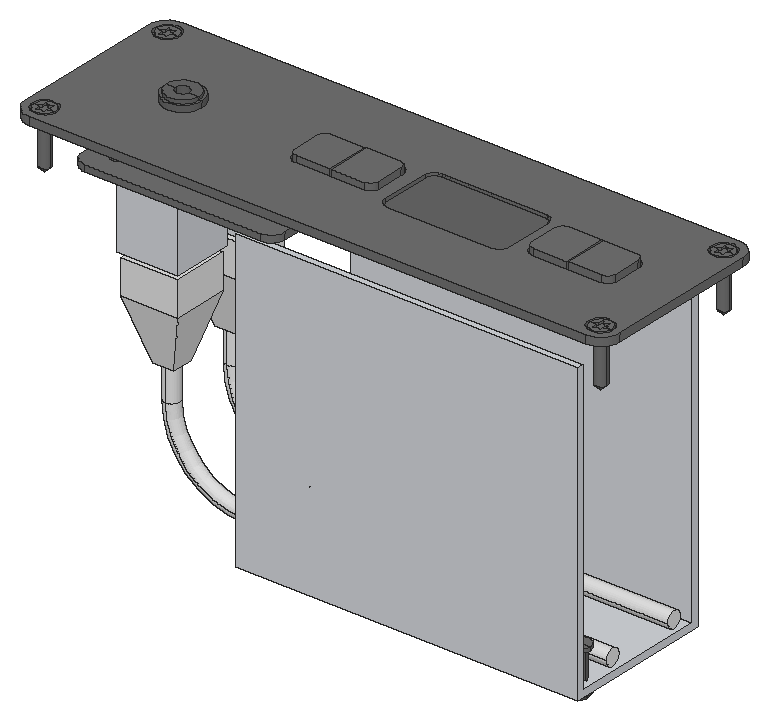
Revit family "71_98_0551_B", category Communication Devices, host Face, Revit 2015
Parameters
  Weight = 220
  Voltage = 48 V
  URL = "http://www.televic-conference.com"
  Type Comments = "Confidea Flushmount Channel Selector"
  Schroef = Basisplaat
  Scherm = Jack
  Product ID = "71.98.0551"
  Onderplaat = Inox
  Model = "Confidea F-CS"
  Manufacturer = "Televic Conference"
  Lengte = 155 mm
  Knoppen = Basisplaat
  Kabel = Kabel
  Jack = Jack
  Diepte = 90 mm
  Default Elevation = 1219.2 mm
  Consumption = 2 W
  Breedte = 50 mm
  Basisplaat = Basisplaat
Reference planes
  plane 1 "Center (Front/Back)": y = 0
  plane 2: z = 0
  plane 3 "Center (Left/Right)": x = 0
  plane 4: x = -77.5
  plane 5: y = -25
  plane 6: y = 25
  plane 7: x = 77.5
  plane 8 "Bovenkant": z = 2
  plane 9: z = -88
Forms (mm)
  Extrusion 1, solid, material "Basisplaat" <- "Basisplaat"
    sketch origin (0, 0, 0) x (1, 0, 0) y (0, 1, 0)
      loop
        line (72.5, 25) -> (-72.5, 25)
        arc (-72.5, 25) -> (-76.036, 23.536) -> (-77.5, 20) r 5
        line (-77.5, 20) -> (-77.5, -20)
        arc (-77.5, -20) -> (-76.036, -23.536) -> (-72.5, -25) r 5
        line (-72.5, -25) -> (72.5, -25)
        arc (72.5, -25) -> (76.036, -23.536) -> (77.5, -20) r 5
        line (77.5, -20) -> (77.5, 20)
        arc (77.5, 20) -> (76.036, 23.536) -> (72.5, 25) r 5
    from 0 to 2
  Extrusion 2, void
    sketch origin (-37.319, 11.507, 0) x (1, 0, 0) y (0, 1, 0)
      loop
        circle (-35.181, 8.493) r 3.25
      loop
        circle (109.819, 8.493) r 3.25
      loop
        circle (-35.181, -31.507) r 3.25
      loop
        circle (109.819, -31.507) r 3.25
    from 1 to 2
  Revolve 3, solid, material "Basisplaat" <- "Schroef"
    sketch origin (0, -20, 0) x (1, 0, 0) y (0, 0, 1)
      loop
        line (-72.5, 2) -> (-75.2, 2) -> (-75.2, 1) -> (-74, 1) -> (-74, -11.5) -> (-72.5, -13) -> (-72.5, 2)
      axis (-72.5, 2) -> (-72.5, -13)
    angle from 0 to 360
  Extrusion 4, void
    sketch origin (0, 0, 0) x (1, 0, 0) y (0, 1, 0)
      loop
        line (-71.548, -21.654) -> (-71.483, -20.592) -> (-70.595, -20.004) -> (-71.483, -19.417) -> (-71.548, -18.355) -> (-72.5, -18.83) -> (-73.453, -18.355) -> (-73.518, -19.417) -> (-74.405, -20.004) -> (-73.518, -20.592) -> (-73.453, -21.654) -> (-72.5, -21.179) -> (-71.548, -21.654)
    from 1.5 to 2.5
  Revolve 5, solid, material "Basisplaat" <- "Schroef", not visible
    sketch origin (0, -20, 0) x (1, 0, 0) y (0, 0, 1)
      loop
        line (-72.5, 2) -> (-75.2, 2) -> (-75.2, 1) -> (-74, 1) -> (-74, -11.5) -> (-72.5, -13) -> (-72.5, 2)
      axis (-72.5, 2) -> (-72.5, -13)
    angle from 0 to 360
  Extrusion 6, void, not visible
    sketch origin (0, 0, 0) x (1, 0, 0) y (0, 1, 0)
      loop
        line (-71.548, -21.654) -> (-71.483, -20.592) -> (-70.595, -20.004) -> (-71.483, -19.417) -> (-71.548, -18.355) -> (-72.5, -18.83) -> (-73.453, -18.355) -> (-73.518, -19.417) -> (-74.405, -20.004) -> (-73.518, -20.592) -> (-73.453, -21.654) -> (-72.5, -21.179) -> (-71.548, -21.654)
    from 1.5 to 2.5
  Revolve 7, solid, material "Basisplaat" <- "Schroef"
    sketch origin (0, 20, 0) x (1, 0, 0) y (0, 0, 1)
      loop
        line (-72.5, 2) -> (-75.2, 2) -> (-75.2, 1) -> (-74, 1) -> (-74, -11.5) -> (-72.5, -13) -> (-72.5, 2)
      axis (-72.5, 2) -> (-72.5, -13)
    angle from 0 to 360
  Extrusion 8, void
    sketch origin (0, 40, 0) x (1, 0, 0) y (0, 1, 0)
      loop
        line (-71.548, -21.654) -> (-71.483, -20.592) -> (-70.595, -20.004) -> (-71.483, -19.417) -> (-71.548, -18.355) -> (-72.5, -18.83) -> (-73.453, -18.355) -> (-73.518, -19.417) -> (-74.405, -20.004) -> (-73.518, -20.592) -> (-73.453, -21.654) -> (-72.5, -21.179) -> (-71.548, -21.654)
    from 1.5 to 2.5
  Revolve 9, solid, material "Basisplaat" <- "Schroef"
    sketch origin (145, 20, 0) x (1, 0, 0) y (0, 0, 1)
      loop
        line (-72.5, 2) -> (-75.2, 2) -> (-75.2, 1) -> (-74, 1) -> (-74, -11.5) -> (-72.5, -13) -> (-72.5, 2)
      axis (-72.5, 2) -> (-72.5, -13)
    angle from 0 to 360
  Extrusion 10, void
    sketch origin (145, 40, 0) x (1, 0, 0) y (0, 1, 0)
      loop
        line (-71.548, -21.654) -> (-71.483, -20.592) -> (-70.595, -20.004) -> (-71.483, -19.417) -> (-71.548, -18.355) -> (-72.5, -18.83) -> (-73.453, -18.355) -> (-73.518, -19.417) -> (-74.405, -20.004) -> (-73.518, -20.592) -> (-73.453, -21.654) -> (-72.5, -21.179) -> (-71.548, -21.654)
    from 1.5 to 2.5
  Revolve 11, solid, material "Basisplaat" <- "Schroef"
    sketch origin (145, -20, 0) x (1, 0, 0) y (0, 0, 1)
      loop
        line (-72.5, 2) -> (-75.2, 2) -> (-75.2, 1) -> (-74, 1) -> (-74, -11.5) -> (-72.5, -13) -> (-72.5, 2)
      axis (-72.5, 2) -> (-72.5, -13)
    angle from 0 to 360
  Extrusion 12, void
    sketch origin (145, 0, 0) x (1, 0, 0) y (0, 1, 0)
      loop
        line (-71.548, -21.654) -> (-71.483, -20.592) -> (-70.595, -20.004) -> (-71.483, -19.417) -> (-71.548, -18.355) -> (-72.5, -18.83) -> (-73.453, -18.355) -> (-73.518, -19.417) -> (-74.405, -20.004) -> (-73.518, -20.592) -> (-73.453, -21.654) -> (-72.5, -21.179) -> (-71.548, -21.654)
    from 1.5 to 2.5
  Extrusion 13, void
    sketch origin (0, 0, 0) x (1, 0, 0) y (0, 1, 0)
      loop
        arc (-62.5, 21) -> (-66.036, 19.536) -> (-67.5, 16) r 5
        line (-67.5, 16) -> (-67.5, -16)
        arc (-67.5, -16) -> (-66.036, -19.536) -> (-62.5, -21) r 5
        line (-62.5, -21) -> (62.5, -21)
        arc (62.5, -21) -> (66.036, -19.536) -> (67.5, -16) r 5
        line (67.5, -16) -> (67.5, 16)
        arc (67.5, 16) -> (66.036, 19.536) -> (62.5, 21) r 5
        line (62.5, 21) -> (-62.5, 21)
    from 1.5 to -88
  Revolve 14, solid, material "Jack" <- "Jack"
    sketch origin (0, 0, 0) x (1, 0, 0) y (0, 0, 1)
      loop
        line (-54.3, 2) -> (-54.3, 4.3) -> (-56.709, 4.3) -> (-56.709, 3.5) -> (-57.5, 3.5) -> (-57.5, 2) -> (-54.3, 2)
      axis (-52.5, 2) -> (-52.5, 4.3)
    angle from 0 to 360
  Extrusion 15, void
    sketch origin (10.35, 0, 0) x (1, 0, 0) y (0, 1, 0)
      loop
        arc (-28.583, 6.2) -> (-30.35, 5.468) -> (-31.083, 3.7) r 2.5
        line (-31.083, 3.7) -> (-31.083, -3.7)
        arc (-31.083, -3.7) -> (-30.35, -5.468) -> (-28.583, -6.2) r 2.5
        line (-28.583, -6.2) -> (-10.883, -6.2)
        arc (-10.883, -6.2) -> (-9.115, -5.468) -> (-8.383, -3.7) r 2.5
        line (-8.383, -3.7) -> (-8.383, 3.7)
        arc (-8.383, 3.7) -> (-9.115, 5.468) -> (-10.883, 6.2) r 2.5
        line (-10.883, 6.2) -> (-28.583, 6.2)
    from 1 to 2.5
  Extrusion 16, solid, material "Basisplaat" <- "Knoppen"
    sketch origin (10.35, 0, 0) x (1, 0, 0) y (0, 1, 0)
      loop
        arc (-28.583, 5.7) -> (-29.997, 5.114) -> (-30.583, 3.7) r 2
        line (-30.583, 3.7) -> (-30.583, -3.7)
        arc (-30.583, -3.7) -> (-29.997, -5.114) -> (-28.583, -5.7) r 2
        line (-28.583, -5.7) -> (-19.933, -5.7) -> (-19.933, 5.7) -> (-28.583, 5.7)
      loop
        arc (-10.883, -5.7) -> (-9.468, -5.114) -> (-8.883, -3.7) r 2
        line (-8.883, -3.7) -> (-8.883, 3.7)
        arc (-8.883, 3.7) -> (-9.468, 5.114) -> (-10.883, 5.7) r 2
        line (-10.883, 5.7) -> (-19.533, 5.7) -> (-19.533, -5.7) -> (-10.883, -5.7)
    from 1.5 to 3.5
  Extrusion 17, void
    sketch origin (72.083, 0, 0) x (1, 0, 0) y (0, 1, 0)
      loop
        arc (-28.583, 6.2) -> (-30.35, 5.468) -> (-31.083, 3.7) r 2.5
        line (-31.083, 3.7) -> (-31.083, -3.7)
        arc (-31.083, -3.7) -> (-30.35, -5.468) -> (-28.583, -6.2) r 2.5
        line (-28.583, -6.2) -> (-10.883, -6.2)
        arc (-10.883, -6.2) -> (-9.115, -5.468) -> (-8.383, -3.7) r 2.5
        line (-8.383, -3.7) -> (-8.383, 3.7)
        arc (-8.383, 3.7) -> (-9.115, 5.468) -> (-10.883, 6.2) r 2.5
        line (-10.883, 6.2) -> (-28.583, 6.2)
    from 1 to 2.5
  Extrusion 18, solid, material "Basisplaat" <- "Knoppen"
    sketch origin (72.083, 0, 0) x (1, 0, 0) y (0, 1, 0)
      loop
        arc (-28.583, 5.7) -> (-29.997, 5.114) -> (-30.583, 3.7) r 2
        line (-30.583, 3.7) -> (-30.583, -3.7)
        arc (-30.583, -3.7) -> (-29.997, -5.114) -> (-28.583, -5.7) r 2
        line (-28.583, -5.7) -> (-19.933, -5.7) -> (-19.933, 5.7) -> (-28.583, 5.7)
      loop
        arc (-10.883, -5.7) -> (-9.468, -5.114) -> (-8.883, -3.7) r 2
        line (-8.883, -3.7) -> (-8.883, 3.7)
        arc (-8.883, 3.7) -> (-9.468, 5.114) -> (-10.883, 5.7) r 2
        line (-10.883, 5.7) -> (-19.533, 5.7) -> (-19.533, -5.7) -> (-10.883, -5.7)
    from 1.5 to 3.5
  Extrusion 19, void
    sketch origin (36.483, 0, 0) x (1, 0, 0) y (0, 1, 0)
      loop
        arc (-28.583, 8.95) -> (-30.35, 8.218) -> (-31.083, 6.45) r 2.5
        line (-31.083, 6.45) -> (-31.083, -6.45)
        arc (-31.083, -6.45) -> (-30.35, -8.218) -> (-28.583, -8.95) r 2.5
        line (-28.583, -8.95) -> (-1.383, -8.95)
        arc (-1.383, -8.95) -> (0.385, -8.218) -> (1.117, -6.45) r 2.5
        line (1.117, -6.45) -> (1.117, 6.45)
        arc (1.117, 6.45) -> (0.385, 8.218) -> (-1.383, 8.95) r 2.5
        line (-1.383, 8.95) -> (-28.583, 8.95)
    from 0.715 to 2.5
  Extrusion 20, solid, material "Jack" <- "Scherm"
    sketch origin (39.608, 0, 0) x (1, 0, 0) y (0, 1, 0)
      loop
        line (-31.708, -8.45) -> (-4.508, -8.45)
        arc (-4.508, -8.45) -> (-3.093, -7.864) -> (-2.508, -6.45) r 2
        line (-2.508, -6.45) -> (-2.508, 6.45)
        arc (-2.508, 6.45) -> (-3.093, 7.864) -> (-4.508, 8.45) r 2
        line (-4.508, 8.45) -> (-31.708, 8.45)
        arc (-31.708, 8.45) -> (-33.122, 7.864) -> (-33.708, 6.45) r 2
        line (-33.708, 6.45) -> (-33.708, -6.45)
        arc (-33.708, -6.45) -> (-33.122, -7.864) -> (-31.708, -8.45) r 2
    from 0 to 1.5
  Extrusion 21, void, not visible
    sketch origin (38.958, 0, 0) x (1, 0, 0) y (0, 1, 0)
      loop
        arc (-28.583, 8.95) -> (-30.35, 8.218) -> (-31.083, 6.45) r 2.5
        line (-31.083, 6.45) -> (-31.083, -6.45)
        arc (-31.083, -6.45) -> (-30.35, -8.218) -> (-28.583, -8.95) r 2.5
        line (-28.583, -8.95) -> (-1.383, -8.95)
        arc (-1.383, -8.95) -> (0.385, -8.218) -> (1.117, -6.45) r 2.5
        line (1.117, -6.45) -> (1.117, 6.45)
        arc (1.117, 6.45) -> (0.385, 8.218) -> (-1.383, 8.95) r 2.5
        line (-1.383, 8.95) -> (-28.583, 8.95)
    from 0.715 to 2.5
  Extrusion 22, solid, material "Jack" <- "Scherm", not visible
    sketch origin (42.083, 0, 0) x (1, 0, 0) y (0, 1, 0)
      loop
        line (-31.708, -8.45) -> (-4.508, -8.45)
        arc (-4.508, -8.45) -> (-3.093, -7.864) -> (-2.508, -6.45) r 2
        line (-2.508, -6.45) -> (-2.508, 6.45)
        arc (-2.508, 6.45) -> (-3.093, 7.864) -> (-4.508, 8.45) r 2
        line (-4.508, 8.45) -> (-31.708, 8.45)
        arc (-31.708, 8.45) -> (-33.122, 7.864) -> (-33.708, 6.45) r 2
        line (-33.708, 6.45) -> (-33.708, -6.45)
        arc (-33.708, -6.45) -> (-33.122, -7.864) -> (-31.708, -8.45) r 2
    from 0 to 1.5
  Extrusion 23, solid, material "Basisplaat" <- "Basisplaat"
    sketch origin (0, 0, 0) x (1, 0, 0) y (0, 1, 0)
      loop
        arc (-62.5, 19.5) -> (-64.975, 18.475) -> (-66, 16) r 3.5
        line (-66, 16) -> (-66, -16)
        arc (-66, -16) -> (-64.975, -18.475) -> (-62.5, -19.5) r 3.5
        line (-62.5, -19.5) -> (-16.55, -19.5)
        arc (-16.55, -19.5) -> (-14.075, -18.475) -> (-13.05, -16) r 3.5
        line (-13.05, -16) -> (-13.05, 16)
        arc (-13.05, 16) -> (-14.075, 18.475) -> (-16.55, 19.5) r 3.5
        line (-16.55, 19.5) -> (-62.5, 19.5)
    from -9.7 to -8
  Extrusion 24, solid
    sketch origin (0, -10, 0) x (1, 0, 0) y (0, 1, 0)
      loop
        line (-55.417, 8) -> (-55.417, -8) -> (-39.417, -8) -> (-39.417, 8) -> (-55.417, 8)
    from -26.5 to -9.7
  Extrusion 25, solid
    sketch origin (0, 0, 0) x (0, 1, 0) y (0, 0, 1)
      loop
        line (-19.5, -10.4) -> (-19.5, -88) -> (19.5, -88) -> (19.5, -10.4) -> (17.8, -10.4) -> (17.8, -86.3) -> (-17.8, -86.3) -> (-17.8, -10.4) -> (-19.5, -10.4)
    from -23 to 66
  Revolve 26, solid, material "Basisplaat" <- "Schroef"
    sketch origin (-131.746, -13.125, -10.5) x (-1, 0, 0) y (0, 0, -1)
      loop
        line (-74.622, 1.547) -> (-75.2, 0.721) -> (-75.2, -0.8) -> (-74, -0.8) -> (-74, -9.7) -> (-75.2, -9.7) -> (-75.2, -10.5) -> (-72.5, -10.5) -> (-72.5, 1.547) -> (-74.622, 1.547)
      axis (-72.5, 1.547) -> (-72.5, -10.5)
    angle from 0 to 360
  Revolve 27, solid, material "Basisplaat" <- "Schroef"
    sketch origin (-91.75, 14.375, -26.2) x (-1, 0, 0) y (0, 0, -1)
      loop
        line (-74.622, 64.147) -> (-75.2, 63.321) -> (-75.2, 61.8) -> (-74, 61.8) -> (-74, 52.9) -> (-75.2, 52.9) -> (-75.2, 52.1) -> (-72.5, 52.1) -> (-72.5, 64.147) -> (-74.622, 64.147)
      axis (-72.5, 64.147) -> (-72.5, 52.1)
    angle from 0 to 360
  Revolve 28, solid, material "Basisplaat" <- "Schroef"
    sketch origin (134.75, -14.063, -26.2) x (1, 0, 0) y (0, 0, 1)
      loop
        line (-74.622, -64.147) -> (-72.5, -64.147) -> (-72.5, -52.1) -> (-75.2, -52.1) -> (-75.2, -52.9) -> (-74, -52.9) -> (-74, -61.8) -> (-75.2, -61.8) -> (-75.2, -63.321) -> (-74.622, -64.147)
      axis (-72.5, -64.147) -> (-72.5, -52.1)
    angle from 0 to 360
  Revolve 29, solid, material "Basisplaat" <- "Schroef"
    sketch origin (-131.746, 13.125, -10.5) x (-1, 0, 0) y (0, 0, 1)
      loop
        line (-74.622, -1.547) -> (-72.5, -1.547) -> (-72.5, 10.5) -> (-75.2, 10.5) -> (-75.2, 9.7) -> (-74, 9.7) -> (-74, 0.8) -> (-75.2, 0.8) -> (-75.2, -0.721) -> (-74.622, -1.547)
      axis (-72.5, -1.547) -> (-72.5, 10.5)
    angle from 0 to 360
  Extrusion 30, void, not visible
    sketch origin (10.35, 0, 0) x (1, 0, 0) y (0, 1, 0)
      loop
        arc (-28.583, 6.2) -> (-30.35, 5.468) -> (-31.083, 3.7) r 2.5
        line (-31.083, 3.7) -> (-31.083, -3.7)
        arc (-31.083, -3.7) -> (-30.35, -5.468) -> (-28.583, -6.2) r 2.5
        line (-28.583, -6.2) -> (-10.883, -6.2)
        arc (-10.883, -6.2) -> (-9.115, -5.468) -> (-8.383, -3.7) r 2.5
        line (-8.383, -3.7) -> (-8.383, 3.7)
        arc (-8.383, 3.7) -> (-9.115, 5.468) -> (-10.883, 6.2) r 2.5
        line (-10.883, 6.2) -> (-28.583, 6.2)
    from 1 to 2.5
  Extrusion 31, solid, material "Basisplaat" <- "Knoppen", not visible
    sketch origin (10.35, 0, 0) x (1, 0, 0) y (0, 1, 0)
      loop
        arc (-28.583, 5.7) -> (-29.997, 5.114) -> (-30.583, 3.7) r 2
        line (-30.583, 3.7) -> (-30.583, -3.7)
        arc (-30.583, -3.7) -> (-29.997, -5.114) -> (-28.583, -5.7) r 2
        line (-28.583, -5.7) -> (-19.933, -5.7) -> (-19.933, 5.7) -> (-28.583, 5.7)
      loop
        arc (-10.883, -5.7) -> (-9.468, -5.114) -> (-8.883, -3.7) r 2
        line (-8.883, -3.7) -> (-8.883, 3.7)
        arc (-8.883, 3.7) -> (-9.468, 5.114) -> (-10.883, 5.7) r 2
        line (-10.883, 5.7) -> (-19.533, 5.7) -> (-19.533, -5.7) -> (-10.883, -5.7)
    from 1.5 to 3.5
  Extrusion 32, void, not visible
    sketch origin (-11.117, -21.138, 61.189) x (1, 0, 0) y (0, 0.5, 0.866025)
      loop
        arc (-28.583, 6.2) -> (-30.35, 5.468) -> (-31.083, 3.7) r 2.5
        line (-31.083, 3.7) -> (-31.083, -3.7)
        arc (-31.083, -3.7) -> (-30.35, -5.468) -> (-28.583, -6.2) r 2.5
        line (-28.583, -6.2) -> (-21.183, -6.2)
        arc (-21.183, -6.2) -> (-19.415, -5.468) -> (-18.683, -3.7) r 2.5
        line (-18.683, -3.7) -> (-18.683, 3.7)
        arc (-18.683, 3.7) -> (-19.415, 5.468) -> (-21.183, 6.2) r 2.5
        line (-21.183, 6.2) -> (-28.583, 6.2)
    from 1.5 to 2.5
  Extrusion 33, solid, material "Basisplaat" <- "Knoppen", not visible
    sketch origin (-11.117, -21.138, 61.189) x (1, 0, 0) y (0, 0.5, 0.866025)
      loop
        arc (-28.583, 5.7) -> (-29.997, 5.114) -> (-30.583, 3.7) r 2
        line (-30.583, 3.7) -> (-30.583, -3.7)
        arc (-30.583, -3.7) -> (-29.997, -5.114) -> (-28.583, -5.7) r 2
        line (-28.583, -5.7) -> (-21.183, -5.7)
        arc (-21.183, -5.7) -> (-19.768, -5.114) -> (-19.183, -3.7) r 2
        line (-19.183, -3.7) -> (-19.183, 3.7)
        arc (-19.183, 3.7) -> (-19.768, 5.114) -> (-21.183, 5.7) r 2
        line (-21.183, 5.7) -> (-28.583, 5.7)
    from 1.5 to 3.5
  Extrusion 34, solid
    sketch origin (0, 10, 0) x (1, 0, 0) y (0, 1, 0)
      loop
        line (-55.417, -8) -> (-39.417, -8) -> (-39.417, 8) -> (-55.417, 8) -> (-55.417, -8)
    from -26.5 to -9.7
  Blend 35, solid, material "Kabel" <- "Kabel"
    base sketch origin (0.042, 0, -36.5) x (1, 0, 0) y (0, 1, 0)
      loop
        line (-54.792, -2.625) -> (-54.792, -17.375) -> (-40.042, -17.375) -> (-40.042, -2.625) -> (-54.792, -2.625)
    top sketch origin (0.042, 0, -36.5) x (1, 0, 0) y (0, 1, 0)
      loop
        line (-44.73, -12.688) -> (-44.73, -7.313) -> (-50.105, -7.313) -> (-50.105, -12.688) -> (-44.73, -12.688)
    from -0.5 to -16.5
  Extrusion 36, solid, material "Kabel" <- "Kabel"
    sketch origin (0, 0, 0) x (1, 0, 0) y (0, 1, 0)
      loop
        line (-40, -2.625) -> (-54.75, -2.625) -> (-54.75, -17.375) -> (-40, -17.375) -> (-40, -2.625)
    from -37 to -28
  Sweep 37, solid, material "Kabel" <- "Kabel"
    path origin (0, 0, 62.6) x (1, 0, 0) y (0, 0, 1)
      loop
        line (-47.375, -115.6) -> (-47.375, -124.159)
        arc (-47.375, -124.159) -> (-41.517, -138.301) -> (-27.375, -144.159) r 20
        line (-27.375, -144.159) -> (67.502, -144.159)
    profile origin (-47.375, 0, -57.28) x (0, -1, 0) y (1, 0, 0)
      loop
        circle (10, 0) r 2.011
  Blend 38, solid, material "Kabel" <- "Kabel"
    base sketch origin (0.042, 20, -36.5) x (1, 0, 0) y (0, 1, 0)
      loop
        line (-54.792, -2.625) -> (-54.792, -17.375) -> (-40.042, -17.375) -> (-40.042, -2.625) -> (-54.792, -2.625)
    top sketch origin (0.042, 20, -36.5) x (1, 0, 0) y (0, 1, 0)
      loop
        line (-44.73, -12.688) -> (-44.73, -7.313) -> (-50.105, -7.313) -> (-50.105, -12.688) -> (-44.73, -12.688)
    from -0.5 to -16.5
  Extrusion 39, solid, material "Kabel" <- "Kabel"
    sketch origin (0, 20, 0) x (1, 0, 0) y (0, 1, 0)
      loop
        line (-40, -2.625) -> (-54.75, -2.625) -> (-54.75, -17.375) -> (-40, -17.375) -> (-40, -2.625)
    from -37 to -28
  Sweep 40, solid, material "Kabel" <- "Kabel"
    path origin (0, 10, 62.6) x (1, 0, 0) y (0, 0, 1)
      loop
        line (-47.375, -115.6) -> (-47.375, -124.159)
        arc (-47.375, -124.159) -> (-41.517, -138.301) -> (-27.375, -144.159) r 20
        line (-27.375, -144.159) -> (67.502, -144.159)
    profile origin (-47.375, 10, -57.28) x (0, -1, 0) y (1, 0, 0)
      loop
        circle (0, 0) r 2.011
Cuts and joins
  Extrusion 4, Extrusion 8 cuts Revolve 3
  Extrusion 8, Extrusion 10 cuts Revolve 7
  Extrusion 10, Extrusion 12 cuts Revolve 9
  Extrusion 12 cuts Revolve 11
  Extrusion 2, Extrusion 15, Extrusion 17, Extrusion 19 cuts Extrusion 1
  Extrusion 17 cuts Extrusion 16
  Extrusion 19 cuts Extrusion 18
  joined: Blend 35, Extrusion 36, Sweep 37
Lines and regions (mm)
  reference lines
    curve 1: line (-72.5, -30, 0) -> (-72.5, 35, 0)
    curve 2: line (72.5, 35, 0) -> (72.5, -30, 0)
    curve 3: line (-87.5, -20, 0) -> (87.5, -20, 0)
    curve 4: line (87.5, 20, 0) -> (-87.5, 20, 0)
    curve 14: line (21.5, 17.109, 0) -> (21.5, -35.262, 0)
  model lines, style "InvisibleLines"
    curve 5: arc (-71, 20, 0) -> (-72.5, 18.5, 0) -> (-74, 20, 0) r 1.5
    curve 6: arc (-74, -20, 0) -> (-72.5, -18.5, 0) -> (-71, -20, 0) r 1.5
    curve 7: arc (-71, -20, 0) -> (-72.5, -21.5, 0) -> (-74, -20, 0) r 1.5
    curve 10: arc (71, 20, 0) -> (72.5, 21.5, 0) -> (74, 20, 0) r 1.5
    curve 11: arc (74, 20, 0) -> (72.5, 18.5, 0) -> (71, 20, 0) r 1.5
    curve 12: arc (71, -20, 0) -> (72.5, -18.5, 0) -> (74, -20, 0) r 1.5
    curve 13: arc (74, -20, 0) -> (72.5, -21.5, 0) -> (71, -20, 0) r 1.5
    curve 15: arc (-60.746, -20, 0) -> (-59.246, -18.5, 0) -> (-57.746, -20, 0) r 1.5
    curve 16: arc (-57.746, -20, 0) -> (-59.246, -21.5, 0) -> (-60.746, -20, 0) r 1.5
  model lines, style "InvisibleLines", not visible
    curve 8: arc (-74, -20, 0) -> (-72.5, -18.5, 0) -> (-71, -20, 0) r 1.5
    curve 9: arc (-71, -20, 0) -> (-72.5, -21.5, 0) -> (-74, -20, 0) r 1.5
  model lines
    curve 17: line (-16.68, 0, 3.5) -> (-13.253, 4.085, 3.5)
    curve 18: line (-16.68, 0, 3.5) -> (-13.253, -4.085, 3.5)
    curve 19: line (-15.649, 0, 3.5) -> (-12.692, 3.524, 3.5)
    curve 20: line (-15.649, 0, 3.5) -> (-12.692, -3.524, 3.5)
    curve 21: line (-13.253, -4.085, 3.5) -> (-12.692, -3.524, 3.5)
    curve 22: line (-13.253, 4.085, 3.5) -> (-12.692, 3.524, 3.5)
    curve 23: line (-2.085, 0, 3.5) -> (-5.513, 4.085, 3.5)
    curve 24: line (-2.085, 0, 3.5) -> (-5.513, -4.085, 3.5)
    curve 25: line (-3.116, 0, 3.5) -> (-6.074, 3.524, 3.5)
    curve 26: line (-3.116, 0, 3.5) -> (-6.074, -3.524, 3.5)
    curve 27: line (-5.513, -4.085, 3.5) -> (-6.074, -3.524, 3.5)
    curve 28: line (-5.513, 4.085, 3.5) -> (-6.074, 3.524, 3.5)
    curve 29: line (45.052, 0, 3.5) -> (48.48, 4.085, 3.5)
    curve 30: line (45.052, 0, 3.5) -> (48.48, -4.085, 3.5)
    curve 31: line (46.084, 0, 3.5) -> (49.041, 3.524, 3.5)
    curve 32: line (46.084, 0, 3.5) -> (49.041, -3.524, 3.5)
    curve 33: line (48.48, -4.085, 3.5) -> (49.041, -3.524, 3.5)
    curve 34: line (48.48, 4.085, 3.5) -> (49.041, 3.524, 3.5)
    curve 35: line (59.648, 0, 3.5) -> (56.22, 4.085, 3.5)
    curve 36: line (59.648, 0, 3.5) -> (56.22, -4.085, 3.5)
    curve 37: line (58.616, 0, 3.5) -> (55.659, 3.524, 3.5)
    curve 38: line (58.616, 0, 3.5) -> (55.659, -3.524, 3.5)
    curve 39: line (56.22, -4.085, 3.5) -> (55.659, -3.524, 3.5)
    curve 40: line (56.22, 4.085, 3.5) -> (55.659, 3.524, 3.5)
  model lines, not visible
    curve 41: line (-16.68, 0, 3.5) -> (-13.253, 4.085, 3.5)
    curve 42: line (-16.68, 0, 3.5) -> (-13.253, -4.085, 3.5)
    curve 43: line (-15.649, 0, 3.5) -> (-12.692, 3.524, 3.5)
    curve 44: line (-15.649, 0, 3.5) -> (-12.692, -3.524, 3.5)
    curve 45: line (-13.253, -4.085, 3.5) -> (-12.692, -3.524, 3.5)
    curve 46: line (-13.253, 4.085, 3.5) -> (-12.692, 3.524, 3.5)
    curve 47: line (-2.085, 0, 3.5) -> (-5.513, 4.085, 3.5)
    curve 48: line (-2.085, 0, 3.5) -> (-5.513, -4.085, 3.5)
    curve 49: line (-3.116, 0, 3.5) -> (-6.074, 3.524, 3.5)
    curve 50: line (-3.116, 0, 3.5) -> (-6.074, -3.524, 3.5)
    curve 51: line (-5.513, -4.085, 3.5) -> (-6.074, -3.524, 3.5)
    curve 52: line (-5.513, 4.085, 3.5) -> (-6.074, 3.524, 3.5)
Dimensions and locks
  equal spacing: plane 4, plane 3 "Center (Left/Right)", plane 7
  "Lengte": plane 4 to plane 7
  equal spacing: plane 5, plane 1 "Center (Front/Back)", plane 6
  "Breedte": plane 5 to plane 6
  "Diepte": plane 8 "Bovenkant" to plane 9
  plane 4 to Extrusion 13 sketch curve = 10 mm
  Extrusion 13 sketch curve to plane 7 = 10 mm
  Extrusion 13 sketch curve to plane 5 = 4 mm
  Extrusion 13 sketch curve to plane 6 = 4 mm
  Extrusion 15 sketch curve to Extrusion 15 sketch curve = 12.4 mm
  Extrusion 15 sketch curve to Extrusion 15 sketch curve = 22.7 mm
  Extrusion 16 sketch curve to Extrusion 16 sketch curve = 11.4 mm
  Extrusion 17 sketch curve to Extrusion 17 sketch curve = 12.4 mm
  Extrusion 17 sketch curve to Extrusion 17 sketch curve = 22.7 mm
  Extrusion 18 sketch curve to Extrusion 18 sketch curve = 11.4 mm
  Extrusion 19 sketch curve to Extrusion 19 sketch curve = 17.9 mm
  Extrusion 19 sketch curve to Extrusion 19 sketch curve = 32.2 mm
  Extrusion 21 sketch curve to Extrusion 21 sketch curve = 17.9 mm
  Extrusion 21 sketch curve to Extrusion 21 sketch curve = 32.2 mm
  Extrusion 30 sketch curve to Extrusion 30 sketch curve = 12.4 mm
  Extrusion 30 sketch curve to Extrusion 30 sketch curve = 22.7 mm
  Extrusion 31 sketch curve to Extrusion 31 sketch curve = 11.4 mm
  Extrusion 32 sketch curve to Extrusion 32 sketch curve = 12.4 mm  (x2)
  Extrusion 33 sketch curve to Extrusion 33 sketch curve = 11.4 mm
  aligned and locked: plane 2 to host face
  aligned and locked: level to host face
  aligned and locked: Extrusion 1 sketch curve to plane 7
  aligned and locked: Extrusion 1 sketch curve to plane 5
  aligned and locked: Extrusion 1 sketch curve to plane 4
  aligned and locked: Extrusion 1 sketch curve to plane 6
  aligned and locked: curve 3 to Revolve 3
  aligned and locked: Extrusion 36 sketch curve to Blend 35  (x4)
  aligned and locked: Extrusion 39 sketch curve to Blend 38  (x4)
Automatic sketch dimensions
  Revolve 3 sketch curve to Revolve 3 sketch curve = 1.5 mm  (x2)
  Extrusion 4 sketch curve to Extrusion 4 sketch curve = 0.888 mm  (x3)
  Extrusion 4 sketch curve to Extrusion 4 sketch curve = 0.065 mm  (x4)
  Extrusion 4 sketch curve to Extrusion 4 sketch curve = 0.952 mm  (x2)
  Extrusion 4 sketch curve to Extrusion 4 sketch curve = 0.953 mm  (x2)
  Extrusion 4 sketch curve to Extrusion 4 sketch curve = 0 mm
  Extrusion 4 sketch curve to Extrusion 4 sketch curve = 0.475 mm
  Extrusion 4 sketch curve to Extrusion 4 sketch curve = 1.062 mm  (x4)
  Extrusion 4 sketch curve to Extrusion 4 sketch curve = 0.587 mm  (x5)
  Revolve 3 sketch curve to Revolve 3 sketch curve = 1.2 mm
  Revolve 3 sketch curve to Revolve 3 sketch curve = 12.5 mm
  Revolve 3 sketch curve to Revolve 3 sketch curve = 1 mm
  Revolve 3 sketch curve to Revolve 3 sketch curve = 0 mm
  Revolve 3 sketch curve to Revolve 3 sketch curve = 7.636 mm
  Revolve 3 sketch curve to Revolve 3 sketch curve = 5.441 mm
  Revolve 5 sketch curve to Revolve 5 sketch curve = 1.5 mm  (x2)
  Extrusion 6 sketch curve to Extrusion 6 sketch curve = 0.888 mm  (x3)
  Extrusion 6 sketch curve to Extrusion 6 sketch curve = 0.065 mm  (x4)
  Extrusion 6 sketch curve to Extrusion 6 sketch curve = 0.952 mm  (x2)
  Extrusion 6 sketch curve to Extrusion 6 sketch curve = 0.953 mm  (x2)
  Extrusion 6 sketch curve to Extrusion 6 sketch curve = 0 mm
  Extrusion 6 sketch curve to Extrusion 6 sketch curve = 0.475 mm
  Extrusion 6 sketch curve to Extrusion 6 sketch curve = 1.062 mm  (x4)
  Extrusion 6 sketch curve to Extrusion 6 sketch curve = 0.587 mm  (x5)
  Revolve 5 sketch curve to Revolve 5 sketch curve = 1.2 mm
  Revolve 5 sketch curve to Revolve 5 sketch curve = 12.5 mm
  Revolve 5 sketch curve to Revolve 5 sketch curve = 1 mm
  Revolve 5 sketch curve to Revolve 5 sketch curve = 0 mm
  Revolve 5 sketch curve to Revolve 5 sketch curve = 7.636 mm
  Revolve 5 sketch curve to Revolve 5 sketch curve = 5.441 mm
  Revolve 7 sketch curve to Revolve 7 sketch curve = 1.5 mm  (x2)
  Extrusion 8 sketch curve to Extrusion 8 sketch curve = 0.888 mm  (x3)
  Extrusion 8 sketch curve to Extrusion 8 sketch curve = 0.065 mm  (x4)
  Extrusion 8 sketch curve to Extrusion 8 sketch curve = 0.952 mm  (x2)
  Extrusion 8 sketch curve to Extrusion 8 sketch curve = 0.953 mm  (x2)
  Extrusion 8 sketch curve to Extrusion 8 sketch curve = 0 mm
  Extrusion 8 sketch curve to Extrusion 8 sketch curve = 0.475 mm
  Extrusion 8 sketch curve to Extrusion 8 sketch curve = 1.062 mm  (x4)
  Extrusion 8 sketch curve to Extrusion 8 sketch curve = 0.587 mm  (x5)
  Revolve 7 sketch curve to Revolve 7 sketch curve = 1.2 mm
  Revolve 7 sketch curve to Revolve 7 sketch curve = 12.5 mm
  Revolve 7 sketch curve to Revolve 7 sketch curve = 1 mm
  Revolve 7 sketch curve to Revolve 7 sketch curve = 0 mm
  Revolve 7 sketch curve to Revolve 7 sketch curve = 7.636 mm
  Revolve 7 sketch curve to Revolve 7 sketch curve = 5.441 mm
  Revolve 9 sketch curve to Revolve 9 sketch curve = 1.5 mm  (x2)
  Extrusion 10 sketch curve to Extrusion 10 sketch curve = 0.888 mm  (x3)
  Extrusion 10 sketch curve to Extrusion 10 sketch curve = 0.065 mm  (x4)
  Extrusion 10 sketch curve to Extrusion 10 sketch curve = 0.952 mm  (x2)
  Extrusion 10 sketch curve to Extrusion 10 sketch curve = 0.953 mm  (x2)
  Extrusion 10 sketch curve to Extrusion 10 sketch curve = 0 mm
  Extrusion 10 sketch curve to Extrusion 10 sketch curve = 0.475 mm
  Extrusion 10 sketch curve to Extrusion 10 sketch curve = 1.062 mm  (x4)
  Extrusion 10 sketch curve to Extrusion 10 sketch curve = 0.587 mm  (x5)
  Revolve 9 sketch curve to Revolve 9 sketch curve = 1.2 mm
  Revolve 9 sketch curve to Revolve 9 sketch curve = 12.5 mm
  Revolve 9 sketch curve to Revolve 9 sketch curve = 1 mm
  Revolve 9 sketch curve to Revolve 9 sketch curve = 0 mm
  Revolve 9 sketch curve to Revolve 9 sketch curve = 7.636 mm
  Revolve 9 sketch curve to Revolve 9 sketch curve = 5.441 mm
  Revolve 11 sketch curve to Revolve 11 sketch curve = 1.5 mm  (x2)
  Extrusion 12 sketch curve to Extrusion 12 sketch curve = 0.888 mm  (x3)
  Extrusion 12 sketch curve to Extrusion 12 sketch curve = 0.065 mm  (x4)
  Extrusion 12 sketch curve to Extrusion 12 sketch curve = 0.952 mm  (x2)
  Extrusion 12 sketch curve to Extrusion 12 sketch curve = 0.953 mm  (x2)
  Extrusion 12 sketch curve to Extrusion 12 sketch curve = 0 mm
  Extrusion 12 sketch curve to Extrusion 12 sketch curve = 0.475 mm
  Extrusion 12 sketch curve to Extrusion 12 sketch curve = 1.062 mm  (x4)
  Extrusion 12 sketch curve to Extrusion 12 sketch curve = 0.587 mm  (x5)
  Revolve 11 sketch curve to Revolve 11 sketch curve = 1.2 mm
  Revolve 11 sketch curve to Revolve 11 sketch curve = 12.5 mm
  Revolve 11 sketch curve to Revolve 11 sketch curve = 1 mm
  Revolve 11 sketch curve to Revolve 11 sketch curve = 0 mm
  Revolve 11 sketch curve to Revolve 11 sketch curve = 7.636 mm
  Revolve 11 sketch curve to Revolve 11 sketch curve = 5.441 mm
  curve 7 to curve 6 = 1.5 mm
  curve 6 to curve 7 = 0 mm  (x2)
  curve 9 to curve 8 = 1.5 mm
  curve 8 to curve 9 = 0 mm  (x2)
  curve 11 to curve 10 = 1.5 mm
  curve 10 to curve 11 = 0 mm  (x2)
  curve 13 to curve 12 = 1.5 mm
  curve 12 to curve 13 = 0 mm  (x2)
  Extrusion 19 sketch curve to Extrusion 19 sketch curve = 2.5 mm  (x3)
  Extrusion 19 sketch curve to Extrusion 19 sketch curve = 0 mm
  Extrusion 20 sketch curve to Extrusion 20 sketch curve = 2 mm  (x3)
  Extrusion 20 sketch curve to Extrusion 20 sketch curve = 27.2 mm
  Extrusion 20 sketch curve to Extrusion 20 sketch curve = 0 mm
  Extrusion 20 sketch curve to Extrusion 20 sketch curve = 12.9 mm
  Extrusion 21 sketch curve to Extrusion 21 sketch curve = 2.5 mm  (x3)
  Extrusion 21 sketch curve to Extrusion 21 sketch curve = 0 mm
  Extrusion 22 sketch curve to Extrusion 22 sketch curve = 2 mm  (x3)
  Extrusion 22 sketch curve to Extrusion 22 sketch curve = 27.2 mm
  Extrusion 22 sketch curve to Extrusion 22 sketch curve = 0 mm
  Extrusion 22 sketch curve to Extrusion 22 sketch curve = 12.9 mm
  curve 15 to curve 16 = 1.5 mm
  curve 15 to curve 16 = 0 mm  (x4)
  Extrusion 15 sketch curve to Extrusion 15 sketch curve = 2.5 mm  (x4)
  Extrusion 16 sketch curve to Extrusion 16 sketch curve = 2 mm  (x3)
  Extrusion 16 sketch curve to Extrusion 16 sketch curve = 8.65 mm  (x2)
  Extrusion 16 sketch curve to Extrusion 16 sketch curve = 0.4 mm
  Extrusion 16 sketch curve to Extrusion 16 sketch curve = 0 mm  (x2)
  Extrusion 16 sketch curve to Extrusion 16 sketch curve = 7.4 mm  (x2)
  curve 17 to curve 20 = 1.031 mm
  curve 19 to curve 22 = 2.397 mm
  curve 19 to curve 21 = 2.397 mm
  curve 21 to curve 21 = 0.561 mm  (x2)
  curve 17 to curve 22 = 0.561 mm
  curve 19 to curve 28 = 6.618 mm
  curve 20 to curve 27 = 6.618 mm
  curve 26 to curve 24 = 0.561 mm
  curve 25 to curve 28 = 0.561 mm  (x2)
  curve 28 to curve 26 = 2.957 mm
  curve 25 to curve 23 = 1.031 mm
  curve 18 to curve 24 = 0 mm
  curve 24 to curve 27 = 0.561 mm
  curve 20 to curve 20 = 3.524 mm
  curve 18 to curve 19 = 0 mm
  curve 27 to curve 26 = 3.524 mm
  curve 25 to curve 23 = 0 mm
  curve 25 to curve 25 = 3.524 mm
  curve 19 to curve 22 = 3.524 mm
  curve 22 to curve 17 = 0.561 mm
  curve 29 to curve 32 = 1.031 mm  (x2)
  curve 31 to curve 34 = 4.736 mm
  curve 31 to curve 33 = 4.736 mm
  curve 33 to curve 33 = 0.793 mm  (x2)
  curve 29 to curve 34 = 0.793 mm
  curve 31 to curve 40 = 6.618 mm  (x2)
  curve 32 to curve 39 = 6.618 mm  (x2)
  curve 38 to curve 36 = 0.793 mm
  curve 37 to curve 40 = 0.793 mm  (x2)
  curve 40 to curve 38 = 4.601 mm
  curve 37 to curve 35 = 1.031 mm  (x3)
  curve 30 to curve 36 = 7.74 mm
  curve 36 to curve 39 = 0.793 mm
  curve 32 to curve 32 = 4.601 mm
  curve 30 to curve 31 = 1.031 mm
  curve 39 to curve 38 = 4.601 mm
  curve 37 to curve 37 = 4.601 mm
  curve 31 to curve 34 = 4.601 mm
  curve 34 to curve 29 = 0.793 mm
  Extrusion 30 sketch curve to Extrusion 30 sketch curve = 2.5 mm  (x4)
  Extrusion 31 sketch curve to Extrusion 31 sketch curve = 2 mm  (x3)
  Extrusion 31 sketch curve to Extrusion 31 sketch curve = 8.65 mm  (x2)
  Extrusion 31 sketch curve to Extrusion 31 sketch curve = 0.4 mm
  Extrusion 31 sketch curve to Extrusion 31 sketch curve = 0 mm  (x2)
  Extrusion 31 sketch curve to Extrusion 31 sketch curve = 7.4 mm  (x2)
  curve 41 to curve 44 = 1.031 mm
  curve 43 to curve 46 = 2.397 mm
  curve 43 to curve 45 = 2.397 mm
  curve 45 to curve 45 = 0.561 mm  (x2)
  curve 41 to curve 46 = 0.561 mm
  curve 43 to curve 52 = 6.618 mm
  curve 44 to curve 51 = 6.618 mm
  curve 50 to curve 48 = 0.561 mm
  curve 49 to curve 52 = 0.561 mm  (x2)
  curve 52 to curve 50 = 2.957 mm
  curve 49 to curve 47 = 1.031 mm
  curve 42 to curve 48 = 0 mm
  curve 48 to curve 51 = 0.561 mm
  curve 44 to curve 44 = 3.524 mm
  curve 42 to curve 43 = 0 mm
  curve 51 to curve 50 = 3.524 mm
  curve 49 to curve 47 = 0 mm
  curve 49 to curve 49 = 3.524 mm
  curve 43 to curve 46 = 3.524 mm
  curve 46 to curve 41 = 0.561 mm
  Extrusion 32 sketch curve to Extrusion 32 sketch curve = 2.5 mm  (x4)
  Extrusion 33 sketch curve to Extrusion 33 sketch curve = 2 mm  (x3)
  Extrusion 33 sketch curve to Extrusion 33 sketch curve = 0 mm
  Extrusion 33 sketch curve to Extrusion 33 sketch curve = 7.4 mm  (x2)
  plane 5 to curve 16 = 5 mm
  plane 4 to curve 16 = 18.254 mm
  curve 16 to curve 15 = 1.5 mm
  host sketch curve to host sketch curve = 120.353 mm
  host sketch curve to host sketch curve = 311.115 mm
  plane 4 to Extrusion 1 sketch curve = 5 mm
  Extrusion 1 sketch curve to Extrusion 1 sketch curve = 5 mm  (x2)
  Extrusion 1 sketch curve to plane 7 = 5 mm
  Extrusion 1 sketch curve to Extrusion 1 sketch curve = 0 mm
  plane 4 to Extrusion 2 sketch curve = 5 mm  (x2)
  Extrusion 2 sketch curve to plane 7 = 5 mm  (x2)
  plane 5 to Extrusion 2 sketch curve = 5 mm  (x2)
  plane 6 to Extrusion 2 sketch curve = 5 mm  (x2)
  curve 3 to plane 4 = 10 mm
  curve 14 to plane 5 = 10.262 mm
  curve 4 to plane 4 = 10 mm
  plane 4 to curve 1 = 5 mm
  plane 6 to curve 14 = 7.891 mm
  plane 3 "Center (Left/Right)" to curve 14 = 21.5 mm
  curve 2 to plane 7 = 5 mm
  plane 5 to curve 3 = 5 mm
  plane 7 to curve 3 = 10 mm
  plane 6 to curve 4 = 5 mm
  plane 7 to curve 4 = 10 mm
  curve 1 to plane 5 = 5 mm
  curve 2 to plane 5 = 5 mm
  curve 1 to plane 6 = 10 mm
  curve 2 to plane 6 = 10 mm
  Extrusion 13 sketch curve to Extrusion 13 sketch curve = 5 mm  (x4)
  Revolve 14 sketch curve to plane 8 "Bovenkant" = 0 mm
  plane 4 to Revolve 14 sketch curve = 20 mm
  Revolve 14 sketch curve to Revolve 14 sketch curve = 0.791 mm
  Revolve 14 sketch curve to Revolve 14 sketch curve = 2.409 mm
  Revolve 14 sketch curve to Revolve 14 sketch curve = 1.5 mm
  Revolve 14 sketch curve to Revolve 14 sketch curve = 2.3 mm
  Revolve 14 sketch curve to Revolve 14 sketch curve = 1.8 mm
  Revolve 14 sketch curve to level = 5.473 mm
  Revolve 14 sketch curve to Revolve 14 sketch curve = 6.121 mm
  plane 1 "Center (Front/Back)" to Extrusion 17 sketch curve = 3.7 mm
  Extrusion 17 sketch curve to plane 7 = 36.5 mm
  Extrusion 17 sketch curve to Extrusion 17 sketch curve = 2.5 mm  (x4)
  plane 1 "Center (Front/Back)" to Extrusion 18 sketch curve = 3.7 mm  (x2)
  Extrusion 18 sketch curve to plane 7 = 36 mm
  Extrusion 18 sketch curve to Extrusion 18 sketch curve = 2 mm  (x3)
  Extrusion 18 sketch curve to Extrusion 18 sketch curve = 8.65 mm  (x2)
  Extrusion 18 sketch curve to Extrusion 18 sketch curve = 0.4 mm
  Extrusion 18 sketch curve to Extrusion 18 sketch curve = 0 mm
  Extrusion 18 sketch curve to plane 1 "Center (Front/Back)" = 3.7 mm  (x2)
  plane 4 to Extrusion 23 sketch curve = 11.5 mm
  Extrusion 23 sketch curve to Extrusion 23 sketch curve = 3.5 mm  (x3)
  plane 5 to Extrusion 23 sketch curve = 5.5 mm
  Extrusion 23 sketch curve to plane 3 "Center (Left/Right)" = 16.55 mm  (x2)
  plane 6 to Extrusion 23 sketch curve = 9 mm
  plane 5 to Extrusion 24 sketch curve = 7 mm
  plane 4 to Extrusion 24 sketch curve = 22.083 mm
  Extrusion 24 sketch curve to Extrusion 24 sketch curve = 16 mm
  plane 1 "Center (Front/Back)" to Extrusion 24 sketch curve = 2 mm
  Extrusion 25 sketch curve to plane 9 = 0 mm
  plane 5 to Extrusion 25 sketch curve = 5.5 mm
  Extrusion 25 sketch curve to Extrusion 25 sketch curve = 1.7 mm  (x2)
  plane 9 to Extrusion 25 sketch curve = 1.7 mm
  plane 6 to Extrusion 25 sketch curve = 7.2 mm
  Extrusion 25 sketch curve to level = 10.4 mm  (x2)
  Revolve 26 sketch curve to level = 0 mm
  plane 4 to Revolve 26 sketch curve = 20.954 mm
  Revolve 26 sketch curve to Revolve 26 sketch curve = 0 mm  (x2)
  Revolve 26 sketch curve to Revolve 26 sketch curve = 0.578 mm
  Revolve 26 sketch curve to Revolve 26 sketch curve = 1.2 mm
  Revolve 26 sketch curve to Revolve 26 sketch curve = 2.122 mm
  Revolve 26 sketch curve to level = 0.8 mm
  Revolve 26 sketch curve to Revolve 26 sketch curve = 8.9 mm
  Revolve 26 sketch curve to Revolve 26 sketch curve = 1.521 mm
  Revolve 26 sketch curve to Revolve 26 sketch curve = 2.347 mm
  plane 8 "Bovenkant" to Revolve 26 sketch curve = 8.136 mm
  Revolve 26 sketch curve to Revolve 26 sketch curve = 5.894 mm
  Revolve 27 sketch curve to plane 9 = 0 mm
  Revolve 27 sketch curve to plane 3 "Center (Left/Right)" = 16.55 mm
  Revolve 27 sketch curve to plane 9 = 1.521 mm
  Revolve 27 sketch curve to Revolve 27 sketch curve = 0 mm  (x2)
  Revolve 27 sketch curve to Revolve 27 sketch curve = 0.578 mm
  Revolve 27 sketch curve to Revolve 27 sketch curve = 1.2 mm
  Revolve 27 sketch curve to Revolve 27 sketch curve = 2.122 mm
  Revolve 27 sketch curve to Revolve 27 sketch curve = 8.9 mm
  Revolve 27 sketch curve to Revolve 27 sketch curve = 0.8 mm
  Revolve 27 sketch curve to plane 9 = 2.347 mm
  Revolve 27 sketch curve to level = 5.564 mm
  Revolve 27 sketch curve to Revolve 27 sketch curve = 5.894 mm
  Revolve 28 sketch curve to plane 9 = 0 mm
  Revolve 28 sketch curve to plane 7 = 17.95 mm
  Revolve 28 sketch curve to plane 9 = 1.521 mm
  Revolve 28 sketch curve to Revolve 28 sketch curve = 0 mm  (x2)
  Revolve 28 sketch curve to Revolve 28 sketch curve = 0.578 mm
  Revolve 28 sketch curve to Revolve 28 sketch curve = 1.2 mm
  Revolve 28 sketch curve to Revolve 28 sketch curve = 2.122 mm
  Revolve 28 sketch curve to Revolve 28 sketch curve = 0.826 mm
  Revolve 28 sketch curve to Revolve 28 sketch curve = 8.9 mm
  Revolve 28 sketch curve to Revolve 28 sketch curve = 0.8 mm
  Revolve 28 sketch curve to Revolve 28 sketch curve = 5.894 mm
  Revolve 28 sketch curve to level = 5.564 mm
  Revolve 29 sketch curve to level = 0 mm
  plane 4 to Revolve 29 sketch curve = 20.954 mm
  Revolve 29 sketch curve to Revolve 29 sketch curve = 0 mm  (x2)
  Revolve 29 sketch curve to Revolve 29 sketch curve = 0.578 mm
  Revolve 29 sketch curve to Revolve 29 sketch curve = 1.2 mm
  Revolve 29 sketch curve to Revolve 29 sketch curve = 2.122 mm
  Revolve 29 sketch curve to level = 0.8 mm
  Revolve 29 sketch curve to Revolve 29 sketch curve = 8.9 mm
  Revolve 29 sketch curve to Revolve 29 sketch curve = 1.521 mm
  Revolve 29 sketch curve to Revolve 29 sketch curve = 0.826 mm
  Revolve 29 sketch curve to Revolve 29 sketch curve = 5.894 mm
  plane 8 "Bovenkant" to Revolve 29 sketch curve = 8.136 mm
  plane 1 "Center (Front/Back)" to curve 30 = 0 mm
  plane 1 "Center (Front/Back)" to curve 32 = 0 mm
  plane 1 "Center (Front/Back)" to curve 38 = 0 mm
  plane 1 "Center (Front/Back)" to curve 35 = 0 mm
  curve 30 to plane 7 = 32.448 mm
  curve 34 to plane 1 "Center (Front/Back)" = 4.085 mm
  curve 31 to curve 34 = 2.397 mm
  plane 1 "Center (Front/Back)" to curve 33 = 4.085 mm
  curve 31 to curve 33 = 2.397 mm
  plane 1 "Center (Front/Back)" to curve 33 = 3.524 mm
  curve 30 to curve 33 = 0.561 mm
  curve 34 to plane 1 "Center (Front/Back)" = 3.524 mm
  curve 29 to curve 34 = 0.561 mm
  curve 40 to plane 1 "Center (Front/Back)" = 3.524 mm
  plane 1 "Center (Front/Back)" to curve 39 = 3.524 mm
  plane 1 "Center (Front/Back)" to curve 36 = 4.085 mm
  curve 38 to curve 36 = 0.561 mm
  curve 40 to plane 1 "Center (Front/Back)" = 4.085 mm
  curve 37 to curve 40 = 0.561 mm
  curve 37 to curve 38 = 2.957 mm
  Extrusion 34 sketch curve to plane 6 = 7 mm
  Extrusion 34 sketch curve to plane 4 = 22.083 mm
  Extrusion 34 sketch curve to Extrusion 34 sketch curve = 16 mm
  plane 1 "Center (Front/Back)" to Extrusion 34 sketch curve = 2 mm
  plane 5 to Blend 35 sketch curve = 7.625 mm
  plane 4 to Blend 35 sketch curve = 22.75 mm
  Blend 35 sketch curve to Blend 35 sketch curve = 14.75 mm
  plane 1 "Center (Front/Back)" to Blend 35 sketch curve = 2.625 mm
  plane 5 to Blend 35 sketch curve = 12.312 mm
  plane 4 to Blend 35 sketch curve = 27.438 mm
  Blend 35 sketch curve to Blend 35 sketch curve = 5.375 mm  (x2)
  plane 4 to Sweep 37 sketch curve = 30.125 mm
  Sweep 37 sketch curve to Sweep 37 sketch curve = 20 mm
  plane 9 to Sweep 37 sketch curve = 6.441 mm
  Sweep 37 sketch curve to plane 7 = 9.998 mm
  Sweep 37 sketch curve to Sweep 37 sketch curve = 8.559 mm
  Sweep 37 sketch curve to profile plane = 0 mm
  plane 1 "Center (Front/Back)" to Sweep 37 sketch curve = 10 mm
  Blend 38 sketch curve to plane 1 "Center (Front/Back)" = 2.625 mm
  plane 4 to Blend 38 sketch curve = 22.75 mm
  Blend 38 sketch curve to Blend 38 sketch curve = 14.75 mm
  plane 6 to Blend 38 sketch curve = 7.625 mm
  Blend 38 sketch curve to plane 1 "Center (Front/Back)" = 7.313 mm
  plane 4 to Blend 38 sketch curve = 27.438 mm
  Blend 38 sketch curve to Blend 38 sketch curve = 5.375 mm  (x2)
  plane 4 to Sweep 40 sketch curve = 30.125 mm
  Sweep 40 sketch curve to Sweep 40 sketch curve = 20 mm
  plane 9 to Sweep 40 sketch curve = 6.441 mm
  Sweep 40 sketch curve to plane 7 = 9.998 mm
  Sweep 40 sketch curve to Sweep 40 sketch curve = 8.559 mm
  Sweep 40 sketch curve to profile plane = 0 mm
  profile plane to Sweep 40 sketch curve = 0 mm
  radius of Extrusion 2 sketch curve = 3.25 mm  (x4)
  radius of Sweep 37 sketch curve = 2.011 mm
  radius of Sweep 40 sketch curve = 2.011 mm
